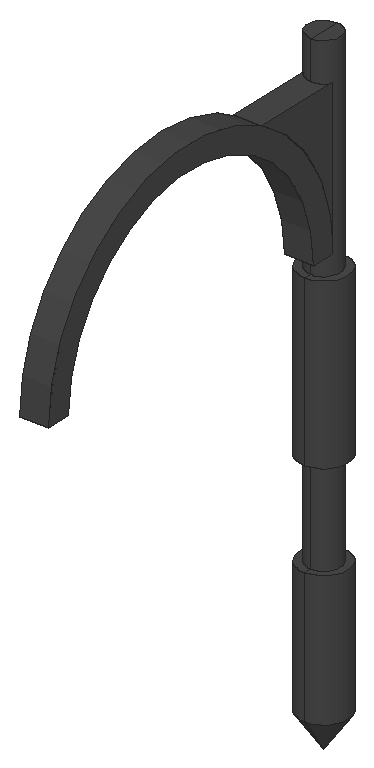
Revit family "Aquatherm_Крепежная скоба", category Соединительные детали трубопроводов, Revit 2019
Family settings
  Размер круглого соединителя = Использовать диаметр
  Тип детали = Соединение
  На основе рабочей плоскости = Нет
  Всегда вертикально = Да
  При загрузке вырезать с полостями = Нет
  Общий = Нет
Parameters
  Материал_Скоба = AquaTherm black pipe
  URL = "www.agpipe.ru"
  L [instance] = if([45 мм], 45 mm, 75 mm)  # 45 mm
  D1 [instance] = D + 5 mm  # 37 mm
  D [instance] = 32 mm
  ADSK_Примечание = ""
  ADSK_Позиция [instance] = ""
  ADSK_Обозначение = ""
  ADSK_Наименование [instance] = size_lookup("Крепежные скобы", "ADSK_Наименование", "Нет в каталоге", D, L, [1], [2])  # "Крепежная скоба DN32 45 мм"
  ADSK_Масса_Текст = ""
  ADSK_Код изделия [instance] = size_lookup("Крепежные скобы", "ADSK_Код изделия", "Нет в каталоге", D, L, [1], [2])  # "60610"
  ADSK_Завод-изготовитель = "Aquathem"  # constant formula
  ADSK_Единица измерения = "шт."  # constant formula
  75 мм [instance] = not([45 мм])  # no
  45 мм [instance] = yes
  2 скобы [instance] = not([1 скоба])  # no
  2 [instance] = if([2 скобы], 1 mm, 0 mm)  # 0 mm
  1 скоба [instance] = yes
  1 [instance] = if([1 скоба], 1 mm, 0 mm)  # 1 mm
Reference planes
  plane 1 "По центру (Вперед/Назад)": y = 0
  plane 2: z = 0
  plane 3 "По центру (Влево/Вправо)": x = 0
  plane 4: y = -16
  plane 5: y = 16
  plane 6: z = 16
  plane 7: z = -16
  plane 8: z = -2
  plane 9: z = -32
  plane 10: y = 19.2
  plane 11: z = -2
  plane 12: z = -47
  plane 13: z = -24.5
  plane 14: y = 19.2
  plane 15: y = 54.4
  plane 16: y = 22.4
  plane 17: y = 38.4
Forms (mm)
  Sweep 1, solid, material "AquaTherm black pipe" <- "Материал_Скоба"
    path origin (0, 0, 0) x (0, 1, 0) y (0, 0, 1)
      loop
        circle (0, 0) r 16
    profile origin (0, 0, 16) x (0, 0, -1) y (1, 0, 0)
      loop
        line (0, 1.5) -> (-2.5, 1.5) -> (-2.5, -1.5) -> (0, -1.5) -> (0, 1.5)
  Extrusion 2, void
    sketch origin (0, 0, 0) x (0, 1, 0) y (0, 0, 1)
      loop
        line (-20, 0) -> (-20, -20.803) -> (58.189, -20.803) -> (58.189, 0) -> (-20, 0)
    from -7 to 7
  Revolve 3, solid, material "AquaTherm black pipe" <- "Материал_Скоба"
    sketch origin (0, 0, 0) x (0, 1, 0) y (0, 0, 1)
      loop
        line (17.5, -2) -> (19.2, -2) -> (19.2, 20) -> (17.5, 20) -> (17.5, -2)
      axis (19.2, 20) -> (19.2, -2)
    angle from 0 to 360
  Sweep 4, solid, material "AquaTherm black pipe" <- "Материал_Скоба", visible <- "2 скобы"
    path origin (0, 0, 0) x (0, 1, 0) y (0, 0, 1)
      loop
        circle (38.4, 0) r 16
    profile origin (0, 38.4, 16) x (0, 0, -1) y (1, 0, 0)
      loop
        line (0, 1.5) -> (-2.5, 1.5) -> (-2.5, -1.5) -> (0, -1.5) -> (0, 1.5)
  Revolve 5, solid, material "AquaTherm black pipe" <- "Материал_Скоба"
    sketch origin (0, 0, 0) x (0, 1, 0) y (0, 0, 1)
      loop
        line (17.5, -19.5) -> (17.5, -29.5) -> (16.7, -29.5) -> (16.7, -43.433) -> (19.2, -47) -> (19.2, -2) -> (16.7, -2) -> (16.7, -19.5) -> (17.5, -19.5)
      axis (19.2, -47) -> (19.2, -2)
    angle from 0 to 360
  Extrusion 6, solid, material "AquaTherm black pipe" <- "Материал_Скоба", visible <- "2 скобы"
    sketch origin (0, 0, 0) x (0, 1, 0) y (0, 0, 1)
      loop
        line (20.9, 20) -> (24.127, 21.505) -> (24.127, 22.505) -> (14.273, 22.505) -> (14.273, 21.505) -> (17.5, 20) -> (20.9, 20)
    from -3 to 3
  Extrusion 7, solid, material "AquaTherm black pipe" <- "Материал_Скоба"
    sketch origin (0, 0, 0) x (0, 1, 0) y (0, 0, 1)
      loop
        line (19.2, 16) -> (0, 16) -> (0, 0) -> (19.2, 0) -> (19.2, 16)
    from -1.5 to 1.5
  Extrusion 8, void
    sketch origin (0, 0, 0) x (0, 1, 0) y (0, 0, 1)
      loop
        circle (0, 0) r 18.5
      loop
        circle (38.4, 0) r 18.5
    from -1.5 to 1.5
  Extrusion 9, solid, material "AquaTherm black pipe" <- "Материал_Скоба", visible <- "2 скобы"
    sketch origin (0, 31.4, 0) x (0, -1, 0) y (0, 0, -1)
      loop
        line (12.2, -16) -> (12.2, 0) -> (-7, 0) -> (-7, -16) -> (12.2, -16)
    from -1.5 to 1.5
  Revolve 10, void
    sketch origin (0, 0, 0) x (0, 1, 0) y (0, 0, 1)
      loop
        line (19.2, -2) -> (19.2, 20) -> (17.5, 20) -> (17.5, -2) -> (19.2, -2)
      axis (19.2, 20) -> (19.2, -2)
    angle from 0 to 360
Cuts and joins
  Extrusion 2 cuts Sweep 1
  Extrusion 2 cuts Sweep 4
  Extrusion 8, Revolve 10 cuts Extrusion 7
  Extrusion 8, Revolve 10 cuts Extrusion 9
  Revolve 10 cuts Extrusion 6
Lines and regions (mm)
  reference lines
    curve 1: line (-1.5, 0, 0) -> (1.5, 0, 0)
Dimensions and locks
  equal spacing: plane 4, plane 1 "По центру (Вперед/Назад)", plane 5
  "D": plane 4 to plane 5
  equal spacing: plane 6, level, plane 7
  "D": plane 6 to plane 7
  Sweep 1 sketch curve to profile plane to Sweep 1 sketch curve = 1.5 mm, 1.5 mm
  locked: Sweep 1 sketch curve to profile plane at 2.5
  Sweep 1 sketch curve to Sweep 1 sketch curve = 3 mm
  locked: Extrusion 2 sketch curve to plane 4 at 4
  locked: plane 7 to Extrusion 2 sketch curve at 4.803
  locked: plane 8 to level at 2
  locked: plane 5 to plane 10 at 3.2
  locked: Revolve 3 sketch curve to plane 6 at 4
  locked: level to plane 11 at 2
  "L": plane 11 to plane 12
  equal spacing: plane 11, plane 13, plane 12
  equal spacing: plane 16, plane 17, plane 15
  "D": plane 16 to plane 15
  equal spacing: Sweep 4 sketch curve, profile plane, Sweep 4 sketch curve
  locked: Sweep 4 sketch curve to Sweep 4 sketch curve at 3
  locked: Sweep 4 sketch curve to profile plane at 2.5
  locked: plane 15 to Extrusion 2 sketch curve at 3.789
  equal spacing: Revolve 5 sketch curve, plane 13, Revolve 5 sketch curve
  locked: Revolve 5 sketch curve to Revolve 5 sketch curve at 10
  locked: plane 5 to Revolve 5 sketch curve at 0.7
  locked: Revolve 5 sketch curve to plane 12 at 3.567
  locked: plane 5 to plane 14 at 3.2
  locked: plane 14 to plane 16 at 3.2
  equal spacing: Extrusion 6 sketch curve, plane 14, Extrusion 6 sketch curve  (x2)
  locked: Extrusion 6 sketch curve to Extrusion 6 sketch curve at 9.854
  locked: Extrusion 6 sketch curve to Extrusion 6 sketch curve at 3.4
  locked: Revolve 10 sketch curve to plane 14 at 1.7
  locked: Revolve 10 sketch curve to plane 6 at 4
  "D": diameter of Sweep 1 sketch curve
  "D": diameter of Sweep 4 sketch curve
  "D1": diameter of Extrusion 8 sketch curve  (x2)
  aligned and locked: level to plane 2
  aligned and locked: profile plane to Sweep 1 sketch curve
  aligned and locked: Revolve 3 sketch curve to plane 8
  aligned and locked: Revolve 3 sketch curve to plane 10  (x2)
  aligned and locked: Revolve 5 sketch curve to plane 14
  aligned and locked: Revolve 5 sketch curve to Revolve 5 sketch curve
  aligned and locked: plane 12 to Revolve 5 sketch curve
  aligned and locked: plane 14 to Revolve 5 sketch curve
  aligned and locked: plane 1 "По центру (Вперед/Назад)" to Extrusion 7 sketch curve
  aligned and locked: plane 14 to Extrusion 7 sketch curve
  aligned and locked: plane 17 to Extrusion 9
  aligned and locked: Extrusion 9 to plane 14
  aligned and locked: Revolve 10 sketch curve to plane 14  (x2)
  aligned and locked: Revolve 10 sketch curve to plane 11
  aligned and locked: plane 1 "По центру (Вперед/Назад)" to curve 1
  aligned and locked: cut or joined group of Sweep 1, Extrusion 2 to curve 1  (x2)
  aligned and locked: plane 6 to Extrusion 7 sketch curve
Automatic sketch dimensions
  Extrusion 2 sketch curve to level = 0 mm
  plane 5 to Revolve 3 sketch curve = 1.5 mm
  Revolve 3 sketch curve to Revolve 3 sketch curve = 2.496 mm
  Revolve 3 sketch curve to Revolve 3 sketch curve = 2.952 mm
  Sweep 4 sketch curve to profile plane = 0 mm
  plane 11 to Revolve 5 sketch curve = 0 mm
  Revolve 5 sketch curve to Revolve 5 sketch curve = 0.8 mm
  Revolve 5 sketch curve to plane 12 = 4.908 mm
  Revolve 5 sketch curve to Revolve 5 sketch curve = 5.994 mm
  plane 6 to Extrusion 6 sketch curve = 4 mm
  Extrusion 6 sketch curve to Extrusion 6 sketch curve = 1.505 mm  (x2)
  Extrusion 6 sketch curve to Extrusion 6 sketch curve = 1 mm
  Extrusion 9 sketch curve to plane 6 = 0 mm
  Extrusion 9 sketch curve to plane 17 = 0 mm
  Extrusion 9 sketch curve to level = 0 mm
  Extrusion 9 sketch curve to plane 14 = 0 mm
  Revolve 10 sketch curve to Revolve 10 sketch curve = 5.089 mm
  Revolve 10 sketch curve to Revolve 10 sketch curve = 3.256 mm
  curve 1 to plane 3 "По центру (Влево/Вправо)" = 1.5 mm
  plane 3 "По центру (Влево/Вправо)" to curve 1 = 1.5 mm
  Extrusion 7 sketch curve to level = 0 mm
  Sweep 1 sketch curve to level = 0 mm
  Sweep 1 sketch curve to plane 1 "По центру (Вперед/Назад)" = 0 mm
  Sweep 4 sketch curve to level = 0 mm
  Sweep 4 sketch curve to plane 17 = 0 mm
  Extrusion 8 sketch curve to level = 0 mm  (x2)
  Extrusion 8 sketch curve to plane 1 "По центру (Вперед/Назад)" = 0 mm
  Extrusion 8 sketch curve to plane 17 = 0 mm
Connectors
  piping at (-1.5, 0, 0), diameter 32, driven by "D"
    settings: on curve 1, index 1, connector inside diameter 609.6 mm, connector length 0 mm, flow factor 0, pipe flow 0.0 L/s, pressure drop 0.0 Pa, fitting loss kfactor 0, connector angle 0.00°, fixture units 0, engagement length 0 mm, angle of deflection 0.00°, flow configuration 0, flow direction 0, fitting loss method 0, system type 28, joint type 0, gender type 0, connector reference index 2, connector utility 0, adjustable connector no, is connector primary yes, connector description ""
  piping at (1.5, 0, 0), diameter 32, driven by "D"
    settings: on curve 1, index 2, connector inside diameter 609.6 mm, connector length 0 mm, flow factor 0, pipe flow 0.0 L/s, pressure drop 0.0 Pa, fitting loss kfactor 0, connector angle 0.00°, fixture units 0, engagement length 0 mm, angle of deflection 0.00°, flow configuration 0, flow direction 0, fitting loss method 0, system type 28, joint type 0, gender type 0, connector reference index 1, connector utility 0, adjustable connector no, is connector primary no, connector description ""
